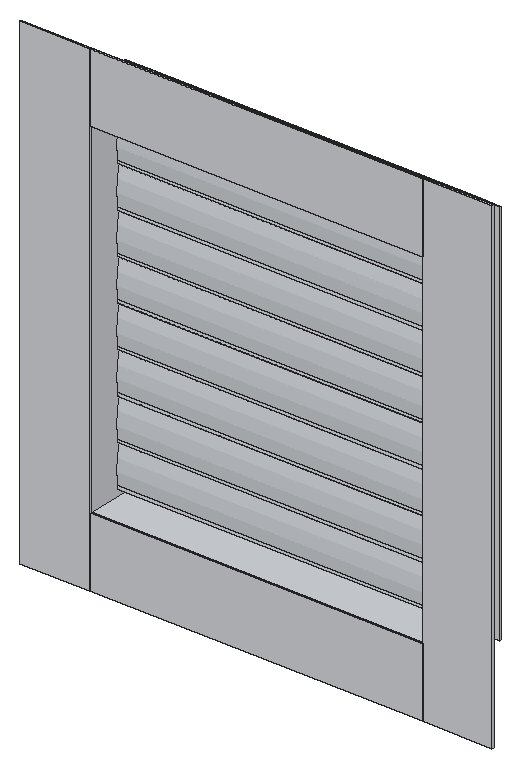
Revit family "ICBL-20 (Arrangement 2)", category Mechanical Equipment, Revit 2015
Parameters
  URL = "http://unitedenertech.com/catalog/pdf/C_29,%2030,%2031,%2032,%2033,%2034,%20&%2035%20ICBL-20.pdf"
  Type Comments = "Max. Single Section Size is (48\"w x 60\"h)"
  Model = "ICBL-20"
  Manufacturer = "United Enertech Corporation"
  Keynote = "Arrangement 3 is a Horizontal Installation of this Arrangement Construction"
  Exact Width = 4' - 0"
  Exact Height = 4' - 2"
  Description = "Ventilation Blast Resistance Damper Arrangement 2"
  Blade Spacing = 0' - 6"
  Blade Number [instance] = rounddown((Exact Height - 0' 0 15/16") / Blade Spacing)  # 8
Reference planes (in)
  plane 1 "Center (Front/Back)": y = 0
  plane 2: z = 0
  plane 3 "Center (Left/Right)": x = 0
  plane 4: x = -24
  plane 5: x = 24
  plane 6: z = 50
  plane 7: z = 60
  plane 8: z = 53
  plane 9: z = -3
  plane 10: z = -10
  plane 11: z = 48.80758
Forms (in)
  Extrusion 1, solid
    sketch origin (3.26192, 63.48265, 0) x (0, 1, 0) y (-1, 0, 0)
      loop
        line (-63.23265, 30.26192) -> (-63.23265, 27.26192) -> (-53.23265, 27.26192) -> (-53.23265, 30.26192) -> (-53.36715, 30.26192) -> (-53.36715, 27.39642) -> (-63.09815, 27.39642) -> (-63.09815, 30.26192) -> (-63.23265, 30.26192)
    from -3 to 53
  Extrusion 2, solid
    sketch origin (3.26192, 64.13622, 0) x (0, 1, 0) y (-1, 0, 0)
      loop
        line (-64.13622, 37.26192) -> (-64.13622, 27.26192) -> (-63.88622, 27.26192) -> (-63.88622, 37.26192) -> (-64.13622, 37.26192)
    from -10 to 60
  Extrusion 3, solid
    sketch origin (-3.26192, 63.48265, 0) x (0, 1, 0) y (-1, 0, 0)
      loop
        line (-63.23265, -30.26192) -> (-63.09815, -30.26192) -> (-63.09815, -27.39642) -> (-53.36715, -27.39642) -> (-53.36715, -30.26192) -> (-53.23265, -30.26192) -> (-53.23265, -27.26192) -> (-63.23265, -27.26192) -> (-63.23265, -30.26192)
    from -3 to 53
  Extrusion 4, solid
    sketch origin (-3.26192, 64.13622, 0) x (0, 1, 0) y (-1, 0, 0)
      loop
        line (-64.13622, -37.26192) -> (-63.88622, -37.26192) -> (-63.88622, -27.26192) -> (-64.13622, -27.26192) -> (-64.13622, -37.26192)
    from -10 to 60
  Extrusion 5, solid
    sketch origin (-93.76997, 63.48265, 32.99658) x (0, 1, 0) y (0, 0, 1)
      loop
        line (-63.23265, 20.00342) -> (-63.23265, 17.00342) -> (-53.23265, 17.00342) -> (-53.23265, 20.00342) -> (-53.36715, 20.00342) -> (-53.36715, 17.13792) -> (-63.09815, 17.13792) -> (-63.09815, 20.00342) -> (-63.23265, 20.00342)
    from 69.76997 to 117.76997
  Extrusion 6, solid
    sketch origin (-93.76997, 64.13622, 32.99658) x (0, 1, 0) y (0, 0, 1)
      loop
        line (-64.13622, 27.00342) -> (-64.13622, 17.00342) -> (-63.88622, 17.00342) -> (-63.88622, 27.00342) -> (-64.13622, 27.00342)
    from 69.76997 to 117.76997
  Extrusion 7, solid
    sketch origin (-93.76997, 63.48265, 27.00342) x (0, 1, 0) y (0, 0, 1)
      loop
        line (-63.23265, -30.00342) -> (-63.09815, -30.00342) -> (-63.09815, -27.13792) -> (-53.36715, -27.13792) -> (-53.36715, -30.00342) -> (-53.23265, -30.00342) -> (-53.23265, -27.00342) -> (-63.23265, -27.00342) -> (-63.23265, -30.00342)
    from 69.76997 to 117.76997
  Extrusion 8, solid
    sketch origin (-93.76997, 64.13622, 27.00342) x (0, 1, 0) y (0, 0, 1)
      loop
        line (-64.13622, -37.00342) -> (-63.88622, -37.00342) -> (-63.88622, -27.00342) -> (-64.13622, -27.00342) -> (-64.13622, -37.00342)
    from 69.76997 to 117.76997
Dimensions and locks (in)
  equal spacing: plane 4, plane 3 "Center (Left/Right)", plane 5
  "Exact Width": plane 4 to plane 5
  "Exact Height": plane 6 to level
  locked: plane 7 to plane 6 at 10
  locked: plane 8 to plane 6 at 3
  locked: level to plane 9 at 3
  locked: level to plane 10 at 10
  locked: plane 6 to plane 11 at 1.19242
  equal spacing: group 1, group 2, group 3, group 4, group 5, group 6, group 7, group 8  (x2)
  equal spacing: group 8, group 7, group 6, group 5, group 4, group 3, group 2, group 1
  "Blade Spacing": nested 1 to nested 2
  aligned and locked: level to plane 2
  aligned and locked: plane 6 to Extrusion 5
  aligned and locked: plane 6 to Extrusion 6
  aligned and locked: plane 7 to Extrusion 2
  aligned and locked: plane 7 to Extrusion 4
  aligned and locked: plane 5 to Extrusion 6
  aligned and locked: plane 5 to Extrusion 5
  aligned and locked: plane 4 to Extrusion 6
  aligned and locked: plane 4 to Extrusion 5
  aligned and locked: plane 8 to Extrusion 1
  aligned and locked: plane 8 to Extrusion 3
  aligned and locked: Extrusion 2 to plane 10
  aligned and locked: Extrusion 4 to plane 10
  aligned and locked: Extrusion 3 to plane 9
  aligned and locked: Extrusion 1 to plane 9
  aligned and locked: plane 4 to Extrusion 8
  aligned and locked: plane 4 to Extrusion 7
  aligned and locked: plane 5 to Extrusion 8
  aligned and locked: plane 5 to Extrusion 7
  aligned and locked: plane 11 to nested 1
  aligned and locked: plane 3 "Center (Left/Right)" to nested 1
Automatic sketch dimensions
  Extrusion 1 sketch curve to plane 4 = 0' - 0"
  Extrusion 1 sketch curve to plane 1 "Center (Front/Back)" = 0' - 0 1/4"
  Extrusion 1 sketch curve to Extrusion 1 sketch curve = 0' - 0.1345"  (x2)
  plane 4 to Extrusion 1 sketch curve = 0' - 0.1345"
  Extrusion 1 sketch curve to Extrusion 1 sketch curve = 0' - 9.731"
  Extrusion 1 sketch curve to Extrusion 1 sketch curve = 0' - 2.8655"  (x2)
  plane 1 "Center (Front/Back)" to Extrusion 2 sketch curve = 0' - 0"
  Extrusion 2 sketch curve to plane 4 = 0' - 0"
  Extrusion 2 sketch curve to plane 1 "Center (Front/Back)" = 0' - 0 1/4"
  Extrusion 2 sketch curve to Extrusion 2 sketch curve = 0' - 10"
  Extrusion 3 sketch curve to plane 5 = 0' - 0"
  plane 1 "Center (Front/Back)" to Extrusion 3 sketch curve = 0' - 0 1/4"
  Extrusion 3 sketch curve to Extrusion 3 sketch curve = 0' - 0.1345"  (x2)
  Extrusion 3 sketch curve to plane 5 = 0' - 0.1345"
  Extrusion 3 sketch curve to Extrusion 3 sketch curve = 0' - 9.731"
  Extrusion 3 sketch curve to Extrusion 3 sketch curve = 0' - 2.8655"  (x2)
  plane 1 "Center (Front/Back)" to Extrusion 4 sketch curve = 0' - 0"
  Extrusion 4 sketch curve to plane 5 = 0' - 0"
  plane 1 "Center (Front/Back)" to Extrusion 4 sketch curve = 0' - 0 1/4"
  Extrusion 4 sketch curve to Extrusion 4 sketch curve = 0' - 10"
  Extrusion 5 sketch curve to plane 6 = 0' - 0"
  Extrusion 5 sketch curve to plane 8 = 0' - 0"  (x2)
  Extrusion 5 sketch curve to plane 1 "Center (Front/Back)" = 0' - 0 1/4"
  Extrusion 5 sketch curve to Extrusion 5 sketch curve = 0' - 0.1345"  (x2)
  plane 6 to Extrusion 5 sketch curve = 0' - 0.1345"
  Extrusion 5 sketch curve to Extrusion 5 sketch curve = 0' - 9.731"
  Extrusion 6 sketch curve to plane 1 "Center (Front/Back)" = 0' - 0"
  Extrusion 6 sketch curve to plane 7 = 0' - 0"
  Extrusion 6 sketch curve to plane 6 = 0' - 0"
  Extrusion 6 sketch curve to Extrusion 6 sketch curve = 0' - 0 1/4"
  level to Extrusion 7 sketch curve = 0' - 0"
  Extrusion 7 sketch curve to plane 1 "Center (Front/Back)" = 0' - 0 1/4"
  Extrusion 7 sketch curve to Extrusion 7 sketch curve = 0' - 0.1345"  (x3)
  Extrusion 7 sketch curve to Extrusion 7 sketch curve = 0' - 9.731"
  Extrusion 7 sketch curve to Extrusion 7 sketch curve = 0' - 2.8655"  (x2)
  level to Extrusion 8 sketch curve = 0' - 0"
  plane 1 "Center (Front/Back)" to Extrusion 8 sketch curve = 0' - 0"
  Extrusion 8 sketch curve to Extrusion 8 sketch curve = 0' - 0 1/4"
  Extrusion 8 sketch curve to level = 0' - 10"
Nested families (in)
  nested 1: "ICBL BLade 2" at (0, -3.2456, 34.25264), type "ICBL BLade 2"
    with Blade Width 4' - 0"
  nested 2: "ICBL BLade 2" at (0, -3.2456, 28.25264), type "ICBL BLade 2"
    with Blade Width 4' - 0"
  nested 3: "ICBL BLade 2" at (0, -3.2456, 22.25264), type "ICBL BLade 2"
    with Blade Width 4' - 0"
  nested 4: "ICBL BLade 2" at (0, -3.2456, 16.25264), type "ICBL BLade 2"
    with Blade Width 4' - 0"
  nested 5: "ICBL BLade 2" at (0, -3.2456, 10.25264), type "ICBL BLade 2"
    with Blade Width 4' - 0"
  nested 6: "ICBL BLade 2" at (0, -3.2456, 4.25264), type "ICBL BLade 2"
    with Blade Width 4' - 0"
  nested 7: "ICBL BLade 2" at (0, -3.2456, -1.74736), type "ICBL BLade 2"
    with Blade Width 4' - 0"
  nested 8: "ICBL BLade 2" at (0, -3.2456, -7.74736), type "ICBL BLade 2"
    with Blade Width 4' - 0"
Definition of nested family "ICBL BLade 2"
  Parameters (values of type "ICBL BLade 2")
    Blade Width = 1' - 0"
  Reference planes (in)
    plane 1 "Center (Front/Back)": y = 0
    plane 2: z = 0
    plane 3 "Center (Left/Right)": x = 0
    plane 4: x = -6
    plane 5: x = 6
    plane 6: x = 7.5
    plane 7: x = -7.5
  Forms (in)
    Extrusion 1, solid
      sketch origin (-63.99311, 63.28582, 33.45503) x (0, 0.866025, 0.5) y (0, -0.5, 0.866025)
        loop
          circle (-56.38394, 10.8946) r 0.5
      from 56.49311 to 71.49311
    Extrusion 2, solid
      sketch origin (-63.99311, 63.28582, 33.45503) x (0, 0.866025, 0.5) y (0, -0.5, 0.866025)
        loop
          line (-59.99483, 6.10279) -> (-59.88736, 6.02181) -> (-59.63178, 6.36097)
          arc (-59.63178, 6.36097) -> (-57.60485, 8.20451) -> (-56.0476, 10.45885) r 12.03083
          line (-56.0476, 10.45885) -> (-56.13874, 10.45885)
          arc (-56.13874, 10.45885) -> (-57.7261, 8.2725) -> (-59.72752, 6.45752) r 13.12432
          line (-59.72752, 6.45752) -> (-59.99483, 6.10279)
      from 57.99311 to 69.99311
    Extrusion 3, solid
      sketch origin (0, 0, 0) x (0, 1, 0) y (0, 0, 1)
        loop
          arc (8.33151, 9.18365) -> (8.1526, 11.87954) -> (8.52952, 14.55494) r 13.12432
          line (8.52952, 14.55494) -> (8.44611, 14.55494)
          arc (8.44611, 14.55494) -> (8.01658, 11.882) -> (8.19558, 9.1807) r 12.03083
          line (8.19558, 9.1807) -> (8.14382, 8.75919) -> (8.27738, 8.74279) -> (8.33151, 9.18365)
      from -6 to 6
  Dimensions and locks (in)
    equal spacing: plane 4, plane 3 "Center (Left/Right)", plane 5
    "Blade Width": plane 4 to plane 5
    locked: plane 7 to plane 4 at 1.5
    locked: plane 5 to plane 6 at 1.5
    aligned and locked: level to plane 2
    aligned and locked: plane 5 to Extrusion 2
    aligned and locked: plane 4 to Extrusion 3
    aligned and locked: plane 5 to Extrusion 3
    aligned and locked: plane 7 to Extrusion 1
    aligned and locked: plane 4 to Extrusion 2
    aligned and locked: Extrusion 1 to plane 6
  Automatic sketch dimensions
    Extrusion 1 sketch curve to plane 1 "Center (Front/Back)" = 0' - 9.0086"
    level to Extrusion 1 sketch curve = 1' - 2.69806"
    plane 1 "Center (Front/Back)" to Extrusion 2 sketch curve = 0' - 3.68549"
    level to Extrusion 2 sketch curve = 1' - 2.45995"
    Extrusion 2 sketch curve to Extrusion 2 sketch curve = 0' - 0.83582"
    Extrusion 2 sketch curve to Extrusion 2 sketch curve = 0' - 6.66574"
    Extrusion 2 sketch curve to Extrusion 2 sketch curve = 0' - 0.10746"
    Extrusion 2 sketch curve to Extrusion 2 sketch curve = 0' - 0.26731"
    Extrusion 2 sketch curve to Extrusion 2 sketch curve = 0' - 0.09573"
    Extrusion 2 sketch curve to Extrusion 2 sketch curve = 0' - 3.58878"
    Extrusion 2 sketch curve to Extrusion 2 sketch curve = 0' - 0.09114"
    Extrusion 2 sketch curve to Extrusion 2 sketch curve = 0' - 0.9104"
    Extrusion 2 sketch curve to Extrusion 2 sketch curve = 0' - 5.66618"
    Extrusion 3 sketch curve to plane 1 "Center (Front/Back)" = 0' - 8.14382"
    Extrusion 3 sketch curve to Extrusion 3 sketch curve = 0' - 0.05175"
    Extrusion 3 sketch curve to Extrusion 3 sketch curve = 0' - 0.13356"
    Extrusion 3 sketch curve to Extrusion 3 sketch curve = 0' - 0.13593"
    Extrusion 3 sketch curve to Extrusion 3 sketch curve = 0' - 0.19801"
    Extrusion 3 sketch curve to Extrusion 3 sketch curve = 0' - 1.23366"
    level to Extrusion 3 sketch curve = 0' - 8.74279"
    Extrusion 3 sketch curve to Extrusion 3 sketch curve = 0' - 0.0164"
    level to Extrusion 3 sketch curve = 0' - 11.32177"
    Extrusion 3 sketch curve to Extrusion 3 sketch curve = 0' - 0.07428"
    Extrusion 3 sketch curve to Extrusion 3 sketch curve = 0' - 0.08341"
    radius of Extrusion 1 sketch curve = 0' - 0 1/2"
